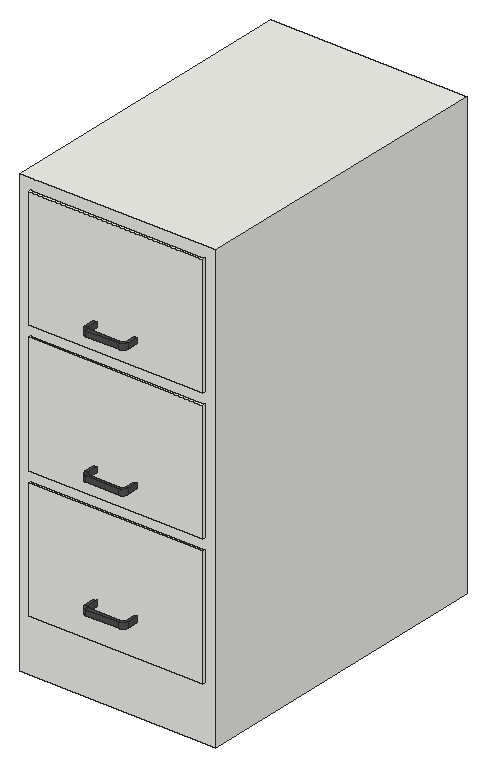
Revit family "M_Armário-Arquivo com 3 gavetas", category Mobiliário, Revit 2019
Family settings
  Número OmniClass = 23.40.20.24.24
  Título OmniClass = Filing Cabinets
  ID de item do Seek = Cabinet-File 3 Drawer-0000-CAN-ENU
  Com base no plano de trabalho = Não
  Sempre na vertical = Sim
  Corte com vazios quando carregada = Não
  Compartilhado = Não
  Ponto de cálculo do ambiente = Não
Parameters (values of type "0457 x 0734mm")
  Material do armário = Aço, acabamento de pintura, marfim, com brilho
  Linear = 734.00 mm
  Material do puxador = Aço, Cromo polido
  Altura = 1042.00 mm
  Largura = 457.00 mm
Types (7, lengths in mm): name | Linear | Altura | Largura
  (no name) | 734.00 | 1042.00 | 457.00
  0380 x 0457mm | 457.00 | 1042.00 | 380.00
  0380 x 0635mm | 635.00 | 1042.00 | 380.00
  0380 x 0734mm | 734.00 | 1042.00 | 380.00
  0457 x 0734mm | 734.00 | 1042.00 | 457.00
  0762 x 0380 mm Lat. | 380.00 | 1016.00 | 762.00
  0762 x 0457 mm Lat. | 457.00 | 1016.00 | 762.00
Reference planes
  plane 1 "Centro (Frente/Trás)": y = -142.134
  plane 2: z = 0
  plane 3 "Centro (Esquerda/Direita)": x = -127.896
  plane 4: x = 100.604
  plane 5: x = -356.396
  plane 6: y = 224.866
  plane 7: y = -509.134
  plane 8: z = 1042
  plane 9: y = -515.484
Forms (mm)
  Extrusion 1, solid, material "Aço, acabamento de pintura, marfim, com brilho" <- "Material do armário"
    sketch origin (0, 224.866, 0) x (1, 0, 0) y (0, 0, 1)
      loop
        line (-330.996, 1016.6) -> (-330.996, 736.6) -> (75.204, 736.6) -> (75.204, 1016.6) -> (-330.996, 1016.6)
      loop
        line (-330.996, 711.2) -> (-330.996, 431.8) -> (75.204, 431.8) -> (75.204, 711.2) -> (-330.996, 711.2)
      loop
        line (-330.996, 406.4) -> (-330.996, 127) -> (75.204, 127) -> (75.204, 406.4) -> (-330.996, 406.4)
    from 734 to 740.35
  Extrusion 2, solid, material "Aço, acabamento de pintura, marfim, com brilho" <- "Material do armário"
    sketch origin (0, 0, 0) x (1, 0, 0) y (0, 1, 0)
      loop
        line (-356.396, 224.866) -> (-356.396, -509.134) -> (100.604, -509.134) -> (100.604, 224.866) -> (-356.396, 224.866)
    from 0 to 1042
  Sweep 3, solid, material "Aço, Cromo polido"
    path origin (0, 0, 0) x (1, 0, 0) y (0, 1, 0)
      loop
        line (-178.696, -515.484) -> (-178.696, -540.884)
        arc (-178.696, -540.884) -> (-174.977, -549.865) -> (-165.996, -553.584) r 12.7
        line (-165.996, -553.584) -> (-89.796, -553.584)
        arc (-89.796, -553.584) -> (-80.816, -549.865) -> (-77.096, -540.884) r 12.7
        line (-77.096, -540.884) -> (-77.096, -515.484)
    profile origin (0, -528.184, 0) x (1, 0, 0) y (0, 0, 1)
      loop
        line (-178.696, 203.2) -> (-172.346, 203.2) -> (-172.346, 215.9) -> (-178.696, 215.9) -> (-178.696, 203.2)
      loop
        line (-178.696, 482.6) -> (-172.346, 482.6) -> (-172.346, 495.3) -> (-178.696, 495.3) -> (-178.696, 482.6)
      loop
        line (-178.696, 787.4) -> (-172.346, 787.4) -> (-172.346, 800.1) -> (-178.696, 800.1) -> (-178.696, 787.4)
Lines and regions (mm)
  Masking region 1
    outline origin (0, 0, 0) x (1, 0, 0) y (0, 1, 0)
      loop
        line (-356.396, 224.866) -> (-356.396, -509.134) -> (100.604, -509.134) -> (100.604, 224.866) -> (-356.396, 224.866)
  symbolic lines
    curve 1: line (-89.796, -547.234, 0) -> (-165.996, -547.234, 0)
    curve 2: line (-172.346, -540.884, 0) -> (-172.346, -509.134, 0)
    curve 3: line (-83.446, -509.134, 0) -> (-83.446, -540.884, 0)
    curve 4: arc (-89.796, -547.234, 0) -> (-85.306, -545.374, 0) -> (-83.446, -540.884, 0) r 6.35
    curve 5: arc (-172.346, -540.884, 0) -> (-170.487, -545.374, 0) -> (-165.996, -547.234, 0) r 6.35
Dimensions and locks
  equal spacing: plane 5, plane 3 "Centro (Esquerda/Direita)", plane 4
  equal spacing: plane 7, plane 1 "Centro (Frente/Trás)", plane 6
  "Largura": plane 5 to plane 4
  "Linear": plane 7 to plane 6
  "Altura": plane 8 to plane 2
  plane 7 to plane 9 = 6.35 mm
  aligned and locked: Extrusion 1 to plane 7
  aligned and locked: Extrusion 1 to plane 9
  aligned and locked: Extrusion 2 to plane 8
  aligned and locked: Extrusion 2 to level
  aligned and locked: plane 6 to Masking region 1 sketch curve
  aligned and locked: Masking region 1 sketch curve to plane 7
  aligned and locked: plane 4 to Masking region 1 sketch curve
  aligned and locked: Masking region 1 sketch curve to plane 5
  aligned and locked: curve 1 to Sweep 3
  aligned and locked: curve 2 to Sweep 3
  aligned and locked: curve 3 to Sweep 3
  aligned and locked: plane 7 to curve 2
  aligned and locked: plane 7 to curve 3
Automatic sketch dimensions
  Extrusion 1 sketch curve to plane 5 = 25.40 mm  (x2)
  Extrusion 1 sketch curve to Extrusion 1 sketch curve = 0.00 mm  (x2)
  plane 4 to Extrusion 1 sketch curve = 25.40 mm  (x2)
  level to Extrusion 1 sketch curve = 127.00 mm
  plane 8 to Extrusion 1 sketch curve = 25.40 mm
  Extrusion 1 sketch curve to Extrusion 1 sketch curve = 279.40 mm  (x2)
  Extrusion 1 sketch curve to Extrusion 1 sketch curve = 25.40 mm  (x2)
  Sweep 3 sketch curve to plane 9 = 0.00 mm  (x2)
  Sweep 3 sketch curve to plane 9 = 25.40 mm
  Sweep 3 sketch curve to plane 3 "Centro (Esquerda/Direita)" = 50.80 mm
  Sweep 3 sketch curve to Sweep 3 sketch curve = 12.70 mm  (x4)
  plane 3 "Centro (Esquerda/Direita)" to Sweep 3 sketch curve = 38.10 mm
  plane 7 to Sweep 3 sketch curve = 31.75 mm
  Sweep 3 sketch curve to profile plane = 0.00 mm  (x3)
  Sweep 3 sketch curve to profile plane = 6.35 mm  (x3)
  level to Sweep 3 sketch curve = 203.20 mm
  Sweep 3 sketch curve to Sweep 3 sketch curve = 266.70 mm
  Sweep 3 sketch curve to Sweep 3 sketch curve = 292.10 mm
  Extrusion 2 sketch curve to plane 5 = 0.00 mm
  Extrusion 2 sketch curve to plane 4 = 0.00 mm
  Extrusion 2 sketch curve to plane 7 = 0.00 mm
  Extrusion 2 sketch curve to plane 6 = 0.00 mm
  curve 5 to curve 1 = 6.35 mm
  curve 4 to curve 3 = 6.35 mm
